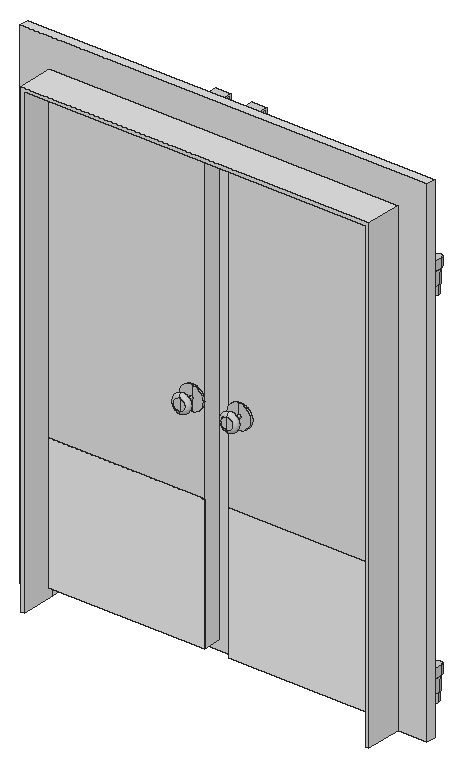
Revit family "Walk_in_Door-ELT_Custom_Coolers-French_Style", category Doors, host Wall, Revit 2026
Family settings
  Host = Wall
  Classification Number = 23.30.10.00
  Always vertical = Yes
  Cut with Voids When Loaded = No
  Shared = No
  Room Calculation Point = No
Parameters (values of type "60" x 78" Cooler, Jamb Frame")
  URL = "https://eltcoolerdoors.com/"
  Top Latch [instance] = yes
  Thickness = 4"
  Specification = ""
  SpecWizard = ""
  Sales Information = ""
  Rough Width = if(Plug Frame, (Width - 3"), (Width - 1"))  # 59"
  Rough Height = if(Plug Frame, Height, (Height + 1"))  # 79"
  Product Page URL = "https://eltcoolerdoors.com/collections/all/walk-in-cooler-door?grid_list=grid-view"
  Product Data = ""
  Plug Frame = no
  Panel Width = Width / 2  # 30"
  Panel Material = ELT_White Stucco Embossed
  Model = "ELT 60\" x 78\""
  Manufacturer Email = "sales@walkincoolerdoor.com"  # constant formula
  Manufacturer Address = "13770 Nelson st - Detroit MI 48227"  # constant formula
  Manufacturer = "ELT Custom Coolers"  # constant formula
  Kick Plate Height [instance] = 24"
  Jamb Frame = not(Plug Frame)  # yes
  Installation-Fabrication = ""
  Description = "Walk in Cooler French Style Door 60\"x 78\" Prehung with a Retrofit Heated & Jamb Frame for New Construction."
  Green Building-LEED = ""
  Function = Interior
  Frame Width = 5 1/2"  # constant formula
  Height = 78"
  Wall Closure = By host
  Width = 60"
  Frame Thickness = if(Plug Frame, 2", 1 1/2")  # 1 1/2"
  Frame Material = ELT_White Stucco Embossed
  Define Thermal Properties by = Schematic Type
  Copyright = "© 2024 ARCAT"  # constant formula
  Construction Details = ""
  CAD Details = ""
  Analytic Construction = "<None>"
Types (8): name | Rough Width | Rough Height | Product Page URL | Plug Frame | Panel Width | Model | Jamb Frame | Description | Height | Width | Frame Thickness
  72" x 84" Cooler, Jamb Frame | 71" | 85" | "https://eltcoolerdoors.com/collections/all/walk-in-cooler-door?grid_list=grid-view" | no | 36" | "ELT 72\" x 84\"" | yes | "Walk in Cooler French Style Door 72\"x 84\" Prehung with a Retrofit Heated & Jamb Frame for New Construction." | 84" | 72" | 1 1/2"
  72" x 84" Cooler, Plug Frame | 69" | 84" | "https://eltcoolerdoors.com/collections/all/walk-in-cooler-door?grid_list=grid-view" | yes | 36" | "ELT 72\" x 84\"" | no | "Walk in Cooler French Style Door 72\"x 84\" Prehung with a Retrofit Heated & Plug Frame for Replacement applications." | 84" | 72" | 2"
  60" x 78" Cooler, Jamb Frame | 59" | 79" | "https://eltcoolerdoors.com/collections/all/walk-in-cooler-door?grid_list=grid-view" | no | 30" | "ELT 60\" x 78\"" | yes | "Walk in Cooler French Style Door 60\"x 78\" Prehung with a Retrofit Heated & Jamb Frame for New Construction." | 78" | 60" | 1 1/2"
  60" x 78" Cooler, Plug Frame | 57" | 78" | "https://eltcoolerdoors.com/collections/all/walk-in-cooler-door?grid_list=grid-view" | yes | 30" | "ELT 60\" x 78\"" | no | "Walk in Cooler French Style Door 60\"x 78\" Prehung with a Retrofit Heated & Plug Frame for Replacement applications." | 78" | 60" | 2"
  36" x 78" Cooler, Jamb Frame | 35" | 79" | "https://eltcoolerdoors.com/collections/all/walk-in-cooler-door?grid_list=grid-view" | no | 18" | "ELT 36\" x 78\"" | yes | "Walk in Cooler French Style Door 36\"x 78\" Prehung with a Retrofit Heated & Jamb Frame for New Construction." | 78" | 36" | 1 1/2"
  36" x 78" Cooler, Plug Frame | 33" | 78" | "https://eltcoolerdoors.com/collections/all/walk-in-cooler-door?grid_list=grid-view" | yes | 18" | "ELT 36\" x 78\"" | no | "Walk in Cooler French Style Door 36\"x 78\" Prehung with a Retrofit Heated & Plug Frame for Replacement applications." | 78" | 36" | 2"
  36" x 78" Freezer, Jamb Frame | 35" | 79" | "https://eltcoolerdoors.com/collections/all/walk-in-freezer-door?grid_list=grid-view" | no | 18" | "ELT 36\" x 78\"" | yes | "Walk in Freezer French Style Door 36\"x 78\" Prehung with a Retrofit Heated & Jamb Frame for New Construction." | 78" | 36" | 1 1/2"
  36" x 78" Freezer, Plug Frame | 33" | 78" | "https://eltcoolerdoors.com/collections/all/walk-in-freezer-door?grid_list=grid-view" | yes | 18" | "ELT 36\" x 78\"" | no | "Walk in Freezer French Style Door 36\"x 78\" Prehung with a Retrofit Heated & Plug Frame for Replacement applications." | 78" | 36" | 2"
Reference planes (in)
  plane 1 "Center (Front/Back)": y = 0
  plane 2 "Center (Left/Right)": x = 0
  plane 3 "Left": x = -30
  plane 4 "Right": x = 30
  plane 5 "Top": z = 78
  plane 6 "Exterior": y = 3
  plane 7 "Interior": y = -3
  plane 8: x = -29.5
  plane 9: z = 79
  plane 10: x = 29.5
  plane 11: z = 83.5
  plane 12: x = 34
  plane 13: x = -34
  plane 14: y = 4.5
  plane 15: y = 0.375
  plane 16: z = 39
  plane 17: x = 28.5
  plane 18: x = -28.5
  plane 19: x = -15
  plane 20: x = 15
Forms (in)
  Extrusion 1, solid, material "ELT_White Stucco Embossed" <- "Frame Material"
    sketch origin (-31.32148, 4.5, 48) x (-1, 0, 0) y (0, 0, 1)
      loop
        line (-65.32148, 35.5) -> (-65.32148, -48) -> (-59.82148, -48) -> (-59.82148, 30) -> (-2.82148, 30) -> (-2.82148, -48) -> (2.67852, -48) -> (2.67852, 35.5) -> (-65.32148, 35.5)
    from -1.5 to 0
  Extrusion 2, solid, material "ELT_White Stucco Embossed" <- "Frame Material", visible <- "Jamb Frame"
    sketch origin (0, 0, 0) x (1, 0, 0) y (0, 0, 1)
      loop
        line (29.125, 0) -> (29.125, 78.625) -> (-29.125, 78.625) -> (-29.125, 0) -> (-28.5, 0) -> (-28.5, 78) -> (28.5, 78) -> (28.5, 0) -> (29.125, 0)
    from -3 to 3
Lines and regions (in)
  Opening 1
    outline origin (-90, -3, 0) x (1, 0, 0) y (0, 0, 1)
      loop
        line (60.5, 0) -> (119.5, 0) -> (119.5, 79) -> (60.5, 79) -> (60.5, 0)
  Masking region 1
    outline origin (0, 0, 0) x (1, 0, 0) y (0, 1, 0)
      loop
        line (-34, 4.5) -> (-34, 3) -> (-28.5, 3) -> (-28.5, 4.5) -> (-34, 4.5)
      loop
        line (28.5, 4.5) -> (28.5, 3) -> (34, 3) -> (34, 4.5) -> (28.5, 4.5)
  Masking region 2, visible <- "Jamb Frame"
    outline origin (0, 0, 0) x (1, 0, 0) y (0, 1, 0)
      loop
        line (-28.5, -3) -> (-28.5, 3) -> (-29.125, 3) -> (-29.125, -3) -> (-28.5, -3)
      loop
        line (28.5, 3) -> (28.5, -3) -> (29.125, -3) -> (29.125, 3) -> (28.5, 3)
Text (in)
  text "Exterior" at (-74.96733, 27.31104, 0), in view "Ref. Level"
  text "Interior" at (-74.96733, -25.14366, 0), in view "Ref. Level"
  text "Exterior" at (0, 40.15149, 123.01588), in view "Right"
  text "Interior" at (0, -64.39139, 123.01588), in view "Right"
  text "Interior" at (0, -31.01599, 123.00693), in view "Left"
  text "Exterior" at (0, 54.57065, 123.00693), in view "Left"
Dimensions and locks (in)
  "Height": level to plane 5 "Top"
  "Width": plane 3 "Left" to plane 4 "Right"
  "Rough Height": plane 9 to level
  equal spacing: plane 10, plane 2 "Center (Left/Right)", plane 8
  "Rough Width": plane 10 to plane 8
  "Frame Width": plane 17 to plane 12
  "Frame Width": plane 13 to plane 18
  "Frame Thickness": plane 14 to plane 6 "Exterior"
  equal spacing: plane 8, plane 2 "Center (Left/Right)", plane 10
  equal spacing: plane 3 "Left", plane 2 "Center (Left/Right)", plane 4 "Right"
  equal spacing: level, plane 16, plane 5 "Top"
  locked: plane 4 "Right" to plane 12 at 4
  locked: plane 13 to plane 3 "Left" at 4
  "Frame Width": plane 5 "Top" to plane 11
  plane 13 to plane 12 = 68"
  locked: plane 18 to Extrusion 2 sketch curve at 0.625
  locked: plane 17 to Extrusion 2 sketch curve at 0.625
  locked: plane 5 "Top" to Extrusion 2 sketch curve at 0.625
  level to plane 11 = 83 1/2"
  equal spacing: plane 3 "Left", plane 19, plane 2 "Center (Left/Right)"
  equal spacing: plane 2 "Center (Left/Right)", plane 20, plane 4 "Right"
  aligned and locked: Opening 1 sketch curve to level
  aligned and locked: plane 6 "Exterior" to host wall
  aligned and locked: plane 7 "Interior" to host wall
  aligned and locked: plane 8 to Opening 1 sketch curve
  aligned and locked: Opening 1 sketch curve to plane 9
  aligned and locked: Opening 1 sketch curve to plane 10
  aligned and locked: plane 12 to Extrusion 1 sketch curve
  aligned and locked: plane 11 to Extrusion 1 sketch curve
  aligned and locked: plane 13 to Extrusion 1 sketch curve
  aligned and locked: level to Extrusion 1 sketch curve  (x2)
  aligned and locked: plane 6 "Exterior" to Extrusion 1
  aligned and locked: plane 14 to Extrusion 1
  aligned and locked: level to Extrusion 2 sketch curve
  aligned and locked: host wall to Extrusion 2
  aligned and locked: plane 7 "Interior" to Extrusion 2
  aligned and locked: nested 1 to plane 14
  aligned and locked: plane 16 to nested 1
  aligned and locked: plane 12 to Masking region 1 sketch curve
  aligned and locked: Masking region 1 sketch curve to plane 6 "Exterior"  (x2)
  aligned and locked: Masking region 1 sketch curve to plane 14  (x2)
  aligned and locked: Masking region 1 sketch curve to plane 13
  aligned and locked: Masking region 2 sketch curve to plane 6 "Exterior"
  aligned and locked: plane 6 "Exterior" to Masking region 2 sketch curve
  aligned and locked: plane 7 "Interior" to Masking region 2 sketch curve
  aligned and locked: Masking region 2 sketch curve to plane 7 "Interior"
  aligned and locked: plane 18 to Extrusion 1 sketch curve
  aligned and locked: Extrusion 1 sketch curve to plane 17
  aligned and locked: plane 18 to Extrusion 2 sketch curve
  aligned and locked: Extrusion 2 sketch curve to plane 17
  aligned and locked: Extrusion 2 sketch curve to plane 5 "Top"
  aligned and locked: Extrusion 1 sketch curve to plane 5 "Top"
  aligned and locked: Masking region 1 sketch curve to plane 18
  aligned and locked: Masking region 1 sketch curve to plane 17
  aligned and locked: Masking region 2 sketch curve to plane 18
  aligned and locked: Masking region 2 sketch curve to Extrusion 2  (x2)
  aligned and locked: Masking region 2 sketch curve to plane 17
  aligned and locked: nested 1 to plane 19
  aligned and locked: nested 2 to plane 20
  aligned and locked: plane 14 to nested 2
  aligned and locked: nested 2 to plane 16
Automatic sketch dimensions
  Extrusion 2 sketch curve to level = 0"
Nested families (in)
  nested 1: "Swing French Door Panel" at (-15, 4.5, 39) x (1, 0, 0) z (0, 1, 0), Kick Plate Height <- "Kick Plate Height", Panel Material <- "Panel Material", Door Height <- "Height", Door Width <- "Panel Width", Top Latch <- "Top Latch", type "Walk-in Swing Panel Door"
    with Top Latch yes, Panel Material ELT_White Stucco Embossed, Kick Plate Height 24", Hinge 24" no, Hinge 18" yes, Door Width 30", Door Height 78", Door Heater yes
  nested 2: "Swing French Door Panel" at (15, 4.5, 39) x (-1, 0, 0) z (0, 1, 0), Kick Plate Height <- "Kick Plate Height", Panel Material <- "Panel Material", Door Height <- "Height", Door Width <- "Panel Width", Top Latch <- "Top Latch", type "Walk-in Swing Panel Door"
    with Top Latch yes, Panel Material ELT_White Stucco Embossed, Kick Plate Height 24", Hinge 24" no, Hinge 18" yes, Door Width 30", Door Height 78", Door Heater no
Definition of nested family "Swing French Door Panel"
  Parameters (values of type "Walk-in Swing Panel Door")
    Top Latch Offset = 3"
    Top Latch [instance] = yes
    Rough Height = 78"
    Panel Material [instance] = none
    Door Width [instance] = 36"
    Door Height [instance] = 81"
    Kick Plate Height [instance] = 24"
    Hinge 24" [instance] = Door Width > 48"  # no
    Hinge 18" [instance] = Door Width < 48"  # yes
    Door Knob Handle = yes
    Door Heater [instance] = yes
    Define Thermal Properties by = 1
    Default Elevation = 48"
    Analytic Construction = "<None>"
  Reference planes (in)
    plane 1 "Center (Front/Back)": y = 0
    plane 2: z = 0
    plane 3 "Center (Left/Right)": x = 0
    plane 4: y = -40.5
    plane 5: x = -18
    plane 6: y = 42
    plane 7: y = -40
    plane 8: x = 18
    plane 9: y = -38.5
    plane 10: x = -16
    plane 11: x = 16
    plane 12: y = 40.5
    plane 13: z = -3
    plane 14: z = 1
    plane 15: x = 15
    plane 16: z = 1.75
    plane 17: y = -16
    plane 18: x = -20.5
    plane 19: z = 2.25
    plane 20: y = -31.75
    plane 21: y = 32.25
    plane 22: x = 14
  Forms (in)
    Extrusion 1, solid, material <- "Panel Material"
      sketch origin (0, 0, 0) x (1, 0, 0) y (0, 1, 0)
        loop
          line (-16, -38.5) -> (16, -38.5) -> (16, 40.5) -> (-16, 40.5) -> (-16, -38.5)
      from 0 to -3
    Extrusion 2, solid, material <- "Panel Material"
      sketch origin (0, 0, 0) x (1, 0, 0) y (0, 1, 0)
        loop
          line (-18, 42) -> (-18, -40) -> (18, -40) -> (18, 42) -> (-18, 42)
      from 0 to 1
    Extrusion 3, solid
      sketch origin (-30.90712, -16, 48) x (-1, 0, 0) y (0, 0, 1)
        loop
          line (-12.90712, -47) -> (-12.90712, -46.96875) -> (-48.90712, -46.96875) -> (-48.90712, -47) -> (-12.90712, -47)
        loop
          line (-14.90712, -51) -> (-46.90712, -51) -> (-46.90712, -51.03125) -> (-14.90712, -51.03125) -> (-14.90712, -51)
      from 0 to -24
    Extrusion 4, void
      sketch origin (0, 0, 0) x (0, 1, 0) y (0, 0, 1)
        loop
          line (-38.5, -3.03125) -> (-38.5, -3) -> (-40, -3) -> (-40, -3.03125) -> (-38.5, -3.03125)
      from -16 to 16
    Revolve 5, solid, visible <- "Door Knob Handle"
      sketch origin (14, 10.88095, 48) x (0, 1, 0) y (0, 0, 1)
        loop
          line (-10.88095, -51) -> (-12.88095, -51) -> (-12.88095, -51.25) -> (-11.13095, -51.25) -> (-11.13095, -52.75) -> (-11.88095, -52.75)
          arc (-11.88095, -52.75) -> (-12.38095, -53.25) -> (-11.88095, -53.75) r 0.5
          line (-11.88095, -53.75) -> (-10.88095, -53.75) -> (-10.88095, -51)
        axis (-10.88095, -51) -> (-10.88095, -53.75)
      angle from 0 to 360
    Extrusion 6, solid, visible <- "Door Heater"
      sketch origin (-19.75, 54.34998, 1) x (0, 1, 0) y (-1, 0, 0)
        loop
          line (-9.34998, -1.75) -> (-11.34998, -1.75) -> (-11.34998, -5.25) -> (-9.34998, -5.25) -> (-9.34998, -1.75)
      from -1 to 0.25
    Extrusion 7, solid
      sketch origin (0, 0, 0) x (0, 1, 0) y (0, 0, 1)
        loop
          line (44.5, 1) -> (44.5, 1.75) -> (41.5, 1.75) -> (41.5, 2.5) -> (35.5, 2.5) -> (35.5, 1) -> (44.5, 1)
      from 14.25 to 15.75
    Extrusion 8, solid
      sketch origin (0, 0, 0) x (0, 1, 0) y (0, 0, 1)
        loop
          line (42.5, 1) -> (42.5, 0) -> (45.375, 0) -> (45.375, 2.25) -> (43.25, 2.25) -> (43.25, 2) -> (45.1259, 2) -> (45.1259, 1) -> (42.5, 1)
      from 13.75 to 16.25
  Cuts and joins
    joined: Extrusion 1, Extrusion 2
    Extrusion 4 cuts Extrusion 3
  Lines and regions (in)
    Masking region 1
      outline origin (0, 0, 0) x (1, 0, 0) y (0, 0, 1)
        loop
          line (-18, 1) -> (-18, 0) -> (-16, 0) -> (-16, -3) -> (16, -3) -> (16, 0) -> (18, 0) -> (18, 1) -> (-18, 1)
    symbolic lines
      curve 1: line (-18, 0, 0) -> (18, 42, 0)
      curve 2: line (-18, 0, 0) -> (18, -40, 0)
      curve 3: arc (18, 0, 2.25) -> (6.72361, 0, 29.47361) -> (-20.5, 0, 40.75) r 38.5
      curve 4: line (-20.5, 0, 2.25) -> (-20.5, 0, 40.75)
      curve 5: line (-16, 0, 0) -> (16, 0, 0)
      curve 6: line (18, 0, 2.25) -> (18, 0, 1)
  Dimensions and locks (in)
    equal spacing: plane 12, plane 1 "Center (Front/Back)", plane 4
    "Door Height": plane 12 to plane 4
    equal spacing: plane 5, plane 3 "Center (Left/Right)", plane 8
    "Door Width": plane 5 to plane 8
    locked: plane 7 to plane 4 at 0.5
    locked: plane 6 to plane 12 at 1.5
    locked: plane 11 to plane 8 at 2
    locked: plane 5 to plane 10 at 2
    locked: plane 9 to plane 7 at 1.5
    locked: plane 14 to plane 2 at 1
    locked: plane 14 to plane 13 at 4
    "Top Latch Offset": plane 15 to plane 8
    locked: plane 16 to plane 14 at 0.75
    "Kick Plate Height": plane 17 to plane 7
    locked: Extrusion 3 sketch curve to plane 14 at 0.03125
    locked: plane 13 to Extrusion 3 sketch curve at 0.03125
    locked: plane 18 to plane 5 at 2.5
    plane 6 to plane 21 = 9 3/4"
    locked: plane 20 to plane 4 at 8.75
    locked: plane 19 to plane 2 at 2.25
    Revolve 5 sketch curve to Revolve 5 sketch curve to Revolve 5 sketch curve to plane 13 = 1", 1 1/2", 1/4"
    plane 1 "Center (Front/Back)" to Revolve 5 sketch curve to Revolve 5 sketch curve = 1/4" locked, 1 3/4" locked
    plane 22 to plane 8 = 4"
    plane 1 "Center (Front/Back)" to Revolve 5 sketch curve = 1"
    Extrusion 6 sketch curve to Extrusion 6 sketch curve to plane 6 = 2" locked, 1" locked
    locked: Extrusion 6 sketch curve to Extrusion 6 sketch curve at 3.5
    locked: Extrusion 7 sketch curve to plane 14 at 1.5
    Extrusion 7 sketch curve to Extrusion 7 sketch curve to plane 12 to Extrusion 7 sketch curve = 3" locked, 1" locked, 5" locked
    locked: Extrusion 8 sketch curve to plane 6 at 3.375
    locked: Extrusion 8 sketch curve to Extrusion 8 sketch curve at 0.2491
    locked: plane 19 to Extrusion 8 sketch curve at 0.25
    locked: Extrusion 8 sketch curve to plane 6 at 0.5
    equal spacing: Extrusion 8, plane 15, Extrusion 8
    locked: Extrusion 8 to Extrusion 8 at 2.5
    equal spacing: Extrusion 7, plane 15, Extrusion 7
    locked: Extrusion 7 to Extrusion 7 at 1.5
    aligned and locked: plane 2 to level
    aligned and locked: Extrusion 1 sketch curve to plane 9
    aligned and locked: Extrusion 1 sketch curve to plane 10
    aligned and locked: Extrusion 1 sketch curve to plane 11
    aligned and locked: Extrusion 1 sketch curve to plane 12
    aligned and locked: Extrusion 1 to plane 13
    aligned and locked: Extrusion 2 sketch curve to plane 6
    aligned and locked: plane 8 to Extrusion 2 sketch curve
    aligned and locked: Extrusion 2 sketch curve to plane 5
    aligned and locked: Extrusion 2 sketch curve to plane 7
    aligned and locked: Extrusion 2 to plane 2
    aligned and locked: plane 14 to Extrusion 2
    aligned and locked: plane 1 "Center (Front/Back)" to curve 2
    aligned and locked: plane 5 to curve 2
    aligned and locked: plane 7 to curve 2
    aligned and locked: plane 8 to curve 2
    aligned and locked: plane 8 to curve 1
    aligned and locked: plane 6 to curve 1
    aligned and locked: Extrusion 3 sketch curve to plane 14
    aligned and locked: Extrusion 3 sketch curve to plane 5
    aligned and locked: plane 8 to Extrusion 3 sketch curve
    aligned and locked: Extrusion 3 sketch curve to plane 10
    aligned and locked: Extrusion 3 sketch curve to plane 11
    aligned and locked: Extrusion 3 sketch curve to plane 13
    aligned and locked: Extrusion 3 to plane 7
    aligned and locked: plane 9 to Extrusion 4 sketch curve
    aligned and locked: plane 7 to Extrusion 4 sketch curve
    aligned and locked: plane 13 to Extrusion 4 sketch curve
    aligned and locked: Extrusion 4 sketch curve to Extrusion 3
    aligned and locked: Extrusion 4 to plane 10
    aligned and locked: plane 11 to Extrusion 4
    aligned and locked: nested 1 to plane 18
    aligned and locked: nested 2 to plane 18
    aligned and locked: curve 4 to plane 18
    aligned and locked: plane 19 to curve 4
    aligned and locked: plane 19 to curve 3
    aligned and locked: nested 1 to plane 21
    aligned and locked: nested 2 to plane 20
    aligned and locked: nested 4 to plane 18
    aligned and locked: nested 3 to plane 18
    aligned and locked: nested 4 to plane 20
    aligned and locked: nested 3 to plane 21
    aligned and locked: plane 13 to Revolve 5 sketch curve
    aligned and locked: plane 1 "Center (Front/Back)" to Revolve 5 sketch curve
    aligned and locked: Revolve 5 sketch curve to plane 1 "Center (Front/Back)"
    aligned and locked: Masking region 1 sketch curve to plane 5
    aligned and locked: Masking region 1 sketch curve to plane 10
    aligned and locked: Masking region 1 sketch curve to plane 2
    aligned and locked: Masking region 1 sketch curve to plane 13
    aligned and locked: Masking region 1 sketch curve to plane 11
    aligned and locked: plane 8 to Masking region 1 sketch curve
    aligned and locked: Masking region 1 sketch curve to plane 14
    aligned and locked: curve 5 to plane 2
    aligned and locked: plane 10 to curve 5
    aligned and locked: plane 11 to curve 5
    aligned and locked: plane 8 to curve 6
    aligned and locked: plane 14 to curve 6
    aligned and locked: nested 6 to plane 1 "Center (Front/Back)"
    aligned and locked: nested 6 to plane 18
    aligned and locked: plane 14 to Extrusion 7 sketch curve
    aligned and locked: plane 16 to Extrusion 7 sketch curve
    aligned and locked: plane 22 to nested 5
    aligned and locked: plane 1 "Center (Front/Back)" to nested 5
    aligned and locked: nested 5 to plane 14
    aligned and locked: plane 5 to Extrusion 6 sketch curve
  Automatic sketch dimensions
    Revolve 5 sketch curve to Revolve 5 sketch curve = 18 1/4"
    plane 19 to Revolve 5 sketch curve = 90.02586"
    Masking region 1 sketch curve to level = 0"
    plane 6 to Extrusion 8 sketch curve = 1 1/4"
    Extrusion 8 sketch curve to plane 14 = 0"
    plane 19 to Extrusion 8 sketch curve = 0"
    Extrusion 8 sketch curve to level = 0"
  Nested families (in)
    nested 1: "Spring Assisted Hinge" at (-20.5, 32.25, 0) x (-1, 0, 0) z (0, 0, 1), visible <- "Hinge 18"", type "18in"
    nested 2: "Spring Assisted Hinge" at (-20.5, -31.75, 0) x (-1, 0, 0) z (0, 0, 1), visible <- "Hinge 18"", type "18in"
    nested 3: "Spring Assisted Hinge" at (-20.5, 32.25, 0) x (-1, 0, 0) z (0, 0, 1), visible <- "Hinge 24"", type "24in"
    nested 4: "Spring Assisted Hinge" at (-20.5, -31.75, 0) x (-1, 0, 0) z (0, 0, 1), visible <- "Hinge 24"", type "24in"
    nested 5: "Locking Handle" at (14, 0, 1), type "Locking Handle"
    nested 6: "Spring Assisted Hinge" at (-20.5, 0, 0) x (-1, 0, 0) z (0, 0, 1), visible <- "Hinge 24"", type "24in"
  Definition of nested family "Spring Assisted Hinge"
    Parameters (values of type "18in")
      Hinge Length = 9"
      Default Elevation = 0"
    Types (2): name | Hinge Length
      24in | 24"
      18in | 9"
    Reference planes (in)
      plane 1 "Center (Front/Back)": y = 0
      plane 2: z = 0
      plane 3 "Center (Left/Right)": x = 0
      plane 4: y = 1.4375
      plane 5: y = -1.4375
      plane 6: x = -9
      plane 7: z = 1
      plane 8: x = 1.21875
      plane 9: x = -1.21875
      plane 10: z = 2.25
      plane 11: y = 1.5625
      plane 12: y = -4.09375
      plane 13: x = -4.14241
    Forms (in)
      Extrusion 1, solid
        sketch origin (0, 0, 0) x (1, 0, 0) y (0, 0, 1)
          loop
            line (-1.96875, 1) -> (-0.93797, 1.58327)
            arc (-0.93797, 1.58327) -> (-0.79164, 1.64278) -> (-0.63497, 1.66306) r 0.61526
            line (-0.63497, 1.66306) -> (0, 1.66306)
            arc (0, 1.66306) -> (0.55267, 2.44762) -> (-0.37217, 2.70386) r 0.58694
            line (-0.37217, 2.70386) -> (-1.67496, 1.96667)
            arc (-1.67496, 1.96667) -> (-2.1994, 1.69367) -> (-2.78073, 1.58592) r 2
            line (-2.78073, 1.58592) -> (-9, 1.36328) -> (-9, 1) -> (-1.96875, 1)
        from -1.66296 to 1.72621
      Extrusion 2, void
        sketch origin (0, 0, 0) x (1, 0, 0) y (0, 1, 0)
          loop
            line (-4.14241, 1.4375) -> (-2.01822, 1.4375)
            arc (-2.01822, 1.4375) -> (-1.60354, 1.34039) -> (-1.2751, 1.06926) r 0.93394
            arc (-1.2751, 1.06926) -> (-1.04068, 0.83552) -> (-0.72089, 0.75) r 0.64066
            line (-0.72089, 0.75) -> (1.21875, 0.75) -> (1.21875, 1.88338) -> (-9.48148, 1.88338) -> (-9.48148, -1.88338) -> (1.21875, -1.88338) -> (1.21875, -0.75) -> (-0.72089, -0.75)
            arc (-0.72089, -0.75) -> (-0.99864, -0.81334) -> (-1.22147, -0.99082) r 0.64066
            arc (-1.22147, -0.99082) -> (-1.56151, -1.31821) -> (-2.01822, -1.4375) r 0.93394
            line (-2.01822, -1.4375) -> (-4.14241, -1.4375)
            arc (-4.14241, -1.4375) -> (-6.59293, -1.26043) -> (-9, -0.76808) r 18.96618
            line (-9, -0.76808) -> (-9, 0.76808)
            arc (-9, 0.76808) -> (-6.59293, 1.26043) -> (-4.14241, 1.4375) r 18.96618
        from 0 to 3.36309
      Extrusion 3, solid
        sketch origin (0, 0, 0) x (1, 0, 0) y (0, 1, 0)
          loop
            arc (1.23297, -2.68633) -> (1.15513, -0.72306) -> (0.95784, 1.23182) r 32.2361
            arc (0.95784, 1.23182) -> (0.83149, 1.46812) -> (0.58071, 1.5625) r 0.38039
            line (0.58071, 1.5625) -> (-0.58071, 1.5625)
            arc (-0.58071, 1.5625) -> (-0.83149, 1.46812) -> (-0.95784, 1.23182) r 0.38039
            arc (-0.95784, 1.23182) -> (-1.15517, -0.72364) -> (-1.23298, -2.6875) r 32.2361
            line (-1.23298, -2.6875) -> (-1.23298, -3.44903)
            arc (-1.23298, -3.44903) -> (-1.04414, -3.90492) -> (-0.58826, -4.09375) r 0.64472
            line (-0.58826, -4.09375) -> (0.58826, -4.09375)
            arc (0.58826, -4.09375) -> (1.04413, -3.90492) -> (1.23297, -3.44904) r 0.64471
            line (1.23297, -3.44904) -> (1.23297, -2.68633)
        from 0 to 0.33203
      Extrusion 4, solid
        sketch origin (0, 0, 0) x (1, 0, 0) y (0, 0, 1)
          loop
            arc (0.66382, 2.5) -> (0, 3.16382) -> (-0.66382, 2.5) r 0.66382
            line (-0.66382, 2.5) -> (-0.66382, 0) -> (0.66382, 0) -> (0.66382, 2.5)
        from -0.75 to 0.75
      Revolve 5, solid
        sketch origin (2.55993, -180, 2.25) x (0, -1, 0) y (1, 0, 0)
          loop
            line (-180, -2.55993) -> (-180, -2.98388) -> (-175.21051, -2.98388) -> (-175.21051, -2.55993) -> (-180, -2.55993)
          axis (-180, -2.55993) -> (-175.21051, -2.55993)
        angle from 0 to 360
      Extrusion 6, solid
        sketch origin (0, 0, 0) x (1, 0, 0) y (0, 0, 1)
          loop
            line (-0.66382, 0) -> (0.66382, 0) -> (0.66382, 2.25)
            arc (0.66382, 2.25) -> (0, 2.91382) -> (-0.66382, 2.25) r 0.66382
            line (-0.66382, 2.25) -> (-0.66382, 0)
        from 0.93733 to 3.13311
    Cuts and joins
      Extrusion 2 cuts Extrusion 1
      joined: Extrusion 1, Extrusion 3, Extrusion 4, Revolve 5, Extrusion 6
    Lines and regions (in)
      Masking region 1
        outline origin (0, 0, 0) x (1, 0, 0) y (0, 0, 1)
          loop
            line (-9, 1.36328) -> (-9, 1) -> (-1.96875, 1) -> (-0.66382, 1.7384) -> (-0.66382, 0.33203) -> (-1.21875, 0.33203) -> (-1.21875, 0) -> (1.21875, 0) -> (1.21875, 0.33203) -> (0.66382, 0.33203) -> (0.66382, 2.25)
            arc (0.66382, 2.25) -> (0.1779, 2.88954) -> (-0.56847, 2.59279) r 0.66382
            line (-0.56847, 2.59279) -> (-2.31859, 1.60247) -> (-9, 1.36328)
      Masking region 2
        outline origin (0, 0, 0) x (1, 0, 0) y (0, 1, 0)
          loop
            line (-9, 0.76808) -> (-9, -0.76808)
            arc (-9, -0.76808) -> (-6.59293, -1.26043) -> (-4.14241, -1.4375) r 18.96618
            line (-4.14241, -1.4375) -> (-2.01822, -1.4375)
            arc (-2.01822, -1.4375) -> (-1.56151, -1.31821) -> (-1.22147, -0.99082) r 0.93394
            arc (-1.22147, -0.99082) -> (-0.99864, -0.81334) -> (-0.72089, -0.75) r 0.64066
            line (-0.72089, -0.75) -> (0.66382, -0.75) -> (0.66382, 0.75) -> (-0.72089, 0.75)
            arc (-0.72089, 0.75) -> (-1.04068, 0.83552) -> (-1.2751, 1.06926) r 0.64066
            arc (-1.2751, 1.06926) -> (-1.60354, 1.34039) -> (-2.01822, 1.4375) r 0.93394
            line (-2.01822, 1.4375) -> (-4.14241, 1.4375)
            arc (-4.14241, 1.4375) -> (-6.59293, 1.26043) -> (-9, 0.76808) r 18.96618
      Masking region 3
        outline origin (0, 0, 0) x (1, 0, 0) y (0, 1, 0)
          loop
            line (0.58071, 1.5625) -> (-0.58071, 1.5625)
            arc (-0.58071, 1.5625) -> (-0.83149, 1.46812) -> (-0.95784, 1.23182) r 0.38039
            arc (-0.95784, 1.23182) -> (-0.98437, 1.02536) -> (-1.00958, 0.81873) r 32.2361
            arc (-1.00958, 0.81873) -> (-0.86927, 0.76742) -> (-0.72089, 0.75) r 0.64066
            line (-0.72089, 0.75) -> (0.66382, 0.75) -> (0.66382, -0.75) -> (-0.72089, -0.75)
            arc (-0.72089, -0.75) -> (-0.96299, -0.7975) -> (-1.16918, -0.93297) r 0.64066
            arc (-1.16918, -0.93297) -> (-1.21303, -1.8098) -> (-1.23298, -2.6875) r 32.2361
            line (-1.23298, -2.6875) -> (-1.23298, -3.44903)
            arc (-1.23298, -3.44903) -> (-1.04414, -3.90492) -> (-0.58826, -4.09375) r 0.64472
            line (-0.58826, -4.09375) -> (-0.42395, -4.09375) -> (-0.42395, -4.78949) -> (0.42395, -4.78949) -> (0.42395, -4.09375) -> (0.58826, -4.09375)
            arc (0.58826, -4.09375) -> (1.04413, -3.90492) -> (1.23297, -3.44904) r 0.64471
            line (1.23297, -3.44904) -> (1.23297, -2.68633)
            arc (1.23297, -2.68633) -> (1.15513, -0.72306) -> (0.95784, 1.23182) r 32.2361
            arc (0.95784, 1.23182) -> (0.83149, 1.46812) -> (0.58071, 1.5625) r 0.38039
      Masking region 4
        outline origin (0, 0, 0) x (0, 1, 0) y (0, 0, 1)
          loop
            line (-3.13311, 1) -> (1.4375, 1) -> (1.4375, 1.76265)
            spline (1.4375, 1.76265) -> (1.43731, 1.77757) -> (1.43617, 1.79301) -> (1.43407, 1.80895) -> (1.43101, 1.82537) -> (1.42699, 1.84225) -> (1.42203, 1.85959) -> (1.41613, 1.87736) -> (1.40928, 1.89555) -> (1.40151, 1.91413) -> (1.39281, 1.93308) -> (1.3832, 1.9524) -> (1.37269, 1.97205)
            spline (1.37269, 1.97205) -> (1.35733, 1.99276) -> (1.34016, 2.01313) -> (1.32121, 2.03313) -> (1.3005, 2.05272) -> (1.27807, 2.07187) -> (1.25397, 2.09055) -> (1.22825, 2.10871) -> (1.20093, 2.12632) -> (1.17209, 2.14337) -> (1.14176, 2.1598) -> (1.11001, 2.17559) -> (1.07688, 2.19072)
            spline (1.07688, 2.19072) -> (1.02828, 2.20889) -> (0.98279, 2.22891) -> (0.9407, 2.25065) -> (0.90228, 2.27398) -> (0.86778, 2.29875) -> (0.83742, 2.32479) -> (0.81139, 2.35195) -> (0.78987, 2.38004) -> (0.77298, 2.40889) -> (0.76084, 2.43831) -> (0.75353, 2.46811) -> (0.75108, 2.49811)
            line (0.75108, 2.49811) -> (0.75, 3.16382) -> (-0.75, 3.16382) -> (-0.75, 2.67395) -> (-0.93733, 2.67395) -> (-0.93733, 2.91382) -> (-3.13311, 2.91382) -> (-3.13311, 2.67395) -> (-4.78949, 2.67395) -> (-4.78949, 2.25) -> (-4.78949, 1.82605) -> (-3.13311, 1.82605) -> (-3.13311, 1)
      symbolic lines
        curve 1: arc (-0.42395, 0, 2.25) -> (0, 0, 1.82605) -> (0.42395, 0, 2.25) r 0.42395
        curve 2: arc (0.42395, 0, 2.25) -> (0, 0, 2.67395) -> (-0.42395, 0, 2.25) r 0.42395
        curve 3: line (1.23297, 0, 0.33203) -> (-1.23298, 0, 0.33203)
        curve 4: line (-0.66382, -3.13311, 0) -> (0.66382, -3.13311, 0)
        curve 5: line (-0.66382, -0.93733, 0) -> (-0.66382, -3.13311, 0)
        curve 6: line (0.66382, -0.93733, 0) -> (-0.66382, -0.93733, 0)
        curve 7: line (0.66382, -3.13311, 0) -> (0.66382, -0.93733, 0)
        curve 8: line (-0.42395, -4.09375, 0) -> (-0.42395, -3.13311, 0)
        curve 9: line (0.42395, -4.09375, 0) -> (0.42395, -3.13311, 0)
        curve 10: line (-0.42395, -0.75, 0) -> (-0.42395, -0.93733, 0)
        curve 11: line (0.42395, -0.75, 0) -> (0.42395, -0.93733, 0)
        curve 12: spline (0, -0.98727, 2.22466) -> (0, -0.95115, 2.24313) -> (0, -0.9176, 2.26275) -> (0, -0.88679, 2.28342) -> (0, -0.85883, 2.30505) -> (0, -0.83387, 2.32756) -> (0, -0.812, 2.35083) -> (0, -0.79334, 2.37477) -> (0, -0.77795, 2.39927) -> (0, -0.76591, 2.42422) -> (0, -0.75727, 2.44951) -> (0, -0.75207, 2.47502) -> (0, -0.75034, 2.50065)
        curve 13: spline (0, -1.37311, 1.96489) -> (0, -1.35457, 1.99059) -> (0, -1.33331, 2.01577) -> (0, -1.30938, 2.04036) -> (0, -1.28284, 2.0643) -> (0, -1.25379, 2.08751) -> (0, -1.22229, 2.10994) -> (0, -1.18843, 2.13152) -> (0, -1.1523, 2.15219) -> (0, -1.11402, 2.17189) -> (0, -1.07367, 2.19057) -> (0, -1.03139, 2.20818) -> (0, -0.98727, 2.22466)
        curve 14: line (0, -1.4375, 1) -> (0, -1.4375, 1.76612)
        curve 15: spline (0, -1.4375, 1.76612) -> (0, -1.43677, 1.7803) -> (0, -1.43519, 1.79497) -> (0, -1.43276, 1.81011) -> (0, -1.42947, 1.8257) -> (0, -1.42534, 1.84172) -> (0, -1.42036, 1.85817) -> (0, -1.41455, 1.87503) -> (0, -1.4079, 1.89228) -> (0, -1.40043, 1.90991) -> (0, -1.39213, 1.9279) -> (0, -1.38302, 1.94623) -> (0, -1.37311, 1.96489)
        curve 16: line (0, -0.75, 2.67395) -> (0, -0.75, 2.50065)
        curve 17: line (0, -0.93733, 2.67395) -> (0, -0.93733, 2.25)
        curve 18: line (0, -3.13311, 2.67395) -> (0, -3.13311, 1.82605)
    Dimensions and locks (in)
      locked: plane 4 to plane 5 at 2.875
      equal spacing: plane 4, plane 1 "Center (Front/Back)", plane 5
      locked: plane 7 to level at 1
      equal spacing: plane 9, plane 3 "Center (Left/Right)", plane 8
      locked: plane 10 to plane 2 at 2.25
      plane 11 to plane 1 "Center (Front/Back)" = 1 9/16"
      plane 12 to plane 11 = 5 21/32"
      locked: Extrusion 4 sketch curve to plane 10 at 0.25
      locked: Extrusion 4 sketch curve to plane 3 "Center (Left/Right)" at 0.66382
      "Hinge Length": plane 6 to plane 3 "Center (Left/Right)"
      locked: Extrusion 2 sketch curve to plane 6 at 0.48148
      locked: plane 6 to plane 13 at 4.85759
      Extrusion 2 sketch curve to plane 1 "Center (Front/Back)" to Extrusion 2 sketch curve = 0.76808" locked, 0.76808" locked
      aligned and locked: plane 2 to level
      aligned and locked: Extrusion 1 sketch curve to plane 6
      aligned and locked: Extrusion 2 sketch curve to plane 4
      aligned and locked: Extrusion 2 sketch curve to plane 8  (x2)
      aligned and locked: Extrusion 3 sketch curve to plane 11
      aligned and locked: Extrusion 4 sketch curve to plane 2
      aligned and locked: plane 3 "Center (Left/Right)" to Extrusion 4 sketch curve
      aligned and locked: Revolve 5 sketch curve to plane 3 "Center (Left/Right)"  (x2)
      aligned and locked: Extrusion 6 sketch curve to plane 2
      aligned and locked: Extrusion 6 sketch curve to cut or joined group of Extrusion 1, Extrusion 2, Extrusion 3, Extrusion 4, Revolve 5, Extrusion 6  (x2)
      aligned and locked: Extrusion 3 sketch curve to plane 12
      aligned and locked: plane 1 "Center (Front/Back)" to Revolve 5 sketch curve
      aligned and locked: plane 3 "Center (Left/Right)" to Extrusion 6 sketch curve
      aligned and locked: plane 10 to Extrusion 6 sketch curve
      aligned and locked: Masking region 1 sketch curve to plane 6
      aligned and locked: Masking region 1 sketch curve to plane 2
      aligned and locked: Masking region 1 sketch curve to plane 8
      aligned and locked: plane 9 to Masking region 1 sketch curve
      aligned and locked: cut or joined group of Extrusion 1, Extrusion 2, Extrusion 3, Extrusion 4, Revolve 5, Extrusion 6 to Masking region 1 sketch curve
      aligned and locked: Masking region 1 sketch curve to cut or joined group of Extrusion 1, Extrusion 2, Extrusion 3, Extrusion 4, Revolve 5, Extrusion 6  (x5)
      aligned and locked: Masking region 1 sketch curve to plane 7
      aligned and locked: curve 1 to cut or joined group of Extrusion 1, Extrusion 2, Extrusion 3, Extrusion 4, Revolve 5, Extrusion 6
      aligned and locked: curve 2 to cut or joined group of Extrusion 1, Extrusion 2, Extrusion 3, Extrusion 4, Revolve 5, Extrusion 6
      aligned and locked: curve 3 to cut or joined group of Extrusion 1, Extrusion 2, Extrusion 3, Extrusion 4, Revolve 5, Extrusion 6
      aligned and locked: Extrusion 2 sketch curve to plane 5
      aligned and locked: plane 13 to Extrusion 2 sketch curve  (x2)
      aligned and locked: plane 6 to Extrusion 2 sketch curve  (x2)
      aligned and locked: Masking region 2 sketch curve to plane 6
      aligned and locked: Masking region 2 sketch curve to cut or joined group of Extrusion 1, Extrusion 2, Extrusion 3, Extrusion 4, Revolve 5, Extrusion 6  (x8)
      aligned and locked: Masking region 2 sketch curve to plane 5
      aligned and locked: Masking region 2 sketch curve to plane 4
      aligned and locked: Masking region 3 sketch curve to cut or joined group of Extrusion 1, Extrusion 2, Extrusion 3, Extrusion 4, Revolve 5, Extrusion 6  (x13)
      aligned and locked: curve 4 to cut or joined group of Extrusion 1, Extrusion 2, Extrusion 3, Extrusion 4, Revolve 5, Extrusion 6
      aligned and locked: curve 5 to cut or joined group of Extrusion 1, Extrusion 2, Extrusion 3, Extrusion 4, Revolve 5, Extrusion 6
      aligned and locked: curve 6 to cut or joined group of Extrusion 1, Extrusion 2, Extrusion 3, Extrusion 4, Revolve 5, Extrusion 6
      aligned and locked: curve 7 to cut or joined group of Extrusion 1, Extrusion 2, Extrusion 3, Extrusion 4, Revolve 5, Extrusion 6
      aligned and locked: plane 7 to Masking region 4 sketch curve
      aligned and locked: plane 4 to Masking region 4 sketch curve
      aligned and locked: Masking region 4 sketch curve to cut or joined group of Extrusion 1, Extrusion 2, Extrusion 3, Extrusion 4, Revolve 5, Extrusion 6  (x4)
      aligned and locked: cut or joined group of Extrusion 1, Extrusion 2, Extrusion 3, Extrusion 4, Revolve 5, Extrusion 6 to Masking region 4 sketch curve  (x2)
      aligned and locked: plane 5 to curve 14
    Automatic sketch dimensions
      Extrusion 1 sketch curve to plane 7 = 0"
      Extrusion 1 sketch curve to plane 3 "Center (Left/Right)" = 0"
      Extrusion 1 sketch curve to plane 10 = 0"
      plane 9 to Extrusion 1 sketch curve = 1.63178"
      Extrusion 1 sketch curve to plane 7 = 75/128"
      plane 9 to Extrusion 1 sketch curve = 1.56198"
      plane 9 to Extrusion 1 sketch curve = 3/4"
      plane 10 to Extrusion 1 sketch curve = 0.28333"
      Extrusion 1 sketch curve to Extrusion 1 sketch curve = 0.29379"
      Extrusion 1 sketch curve to plane 9 = 0.28078"
      Extrusion 1 sketch curve to Extrusion 1 sketch curve = 0.303"
      Extrusion 1 sketch curve to plane 3 "Center (Left/Right)" = 0.37217"
      Extrusion 1 sketch curve to plane 7 = 0.0478"
      Extrusion 1 sketch curve to Extrusion 1 sketch curve = 93/256"
      Extrusion 1 sketch curve to plane 7 = 0.58327"
      Revolve 5 sketch curve to plane 4 = 1 7/16"
      Revolve 5 sketch curve to Revolve 5 sketch curve = 55.24843"
      Revolve 5 sketch curve to plane 3 "Center (Left/Right)" = 0.42395"
      Revolve 5 sketch curve to plane 5 = 3.35199"
      plane 12 to Extrusion 3 sketch curve = 1.11265"  (x2)
      plane 3 "Center (Left/Right)" to plane 3 "Center (Left/Right)" = 0"
      plane 9 to Extrusion 3 sketch curve = 0.01423"
      Extrusion 3 sketch curve to plane 3 "Center (Left/Right)" = 0.58826"
      Extrusion 3 sketch curve to plane 3 "Center (Left/Right)" = 0.58071"
      Extrusion 3 sketch curve to plane 4 = 0.25539"  (x2)
      plane 3 "Center (Left/Right)" to Extrusion 3 sketch curve = 0.58071"
      plane 3 "Center (Left/Right)" to Extrusion 3 sketch curve = 0.58826"
      plane 3 "Center (Left/Right)" to Extrusion 3 sketch curve = 1.23297"
      Extrusion 3 sketch curve to Extrusion 3 sketch curve = 0.76153"
      Extrusion 3 sketch curve to Extrusion 3 sketch curve = 0"
      plane 8 to Extrusion 3 sketch curve = 0.01422"
      Masking region 1 sketch curve to Masking region 1 sketch curve = 0"
      Masking region 1 sketch curve to plane 9 = 0.55493"
      plane 9 to curve 3 = 0.01423"
      plane 8 to curve 3 = 0.01422"
      plane 3 "Center (Left/Right)" to plane 9 = 1 7/32"  (x2)
      plane 9 to Extrusion 2 sketch curve = 0.79947"
      plane 5 to Extrusion 2 sketch curve = 0.04684"
      Extrusion 2 sketch curve to plane 9 = 0.49786"  (x2)
      Extrusion 2 sketch curve to plane 4 = 0.04684"
      Extrusion 2 sketch curve to plane 5 = 0.44588"
      Extrusion 2 sketch curve to Extrusion 2 sketch curve = 0.64066"
      plane 1 "Center (Front/Back)" to Extrusion 2 sketch curve = 0.50356"
      Extrusion 2 sketch curve to plane 1 "Center (Front/Back)" = 0.50356"
      Extrusion 2 sketch curve to plane 1 "Center (Front/Back)" = 3/4"
      plane 4 to Extrusion 2 sketch curve = 0.44588"
      plane 9 to Extrusion 2 sketch curve = 0.00272"
      plane 13 to Extrusion 2 sketch curve = 0.13874"  (x2)
      Masking region 3 sketch curve to plane 3 "Center (Left/Right)" = 0.42395"
      Masking region 3 sketch curve to Masking region 3 sketch curve = 0.16431"
      curve 6 to plane 9 = 0.55493"
      curve 4 to plane 8 = 0.55493"
      curve 5 to plane 5 = 1.69561"
      plane 5 to curve 6 = 0.50017"
      curve 5 to curve 10 = 0.23987"
      curve 4 to curve 8 = 0.23987"
      curve 11 to curve 6 = 0.23987"
      plane 3 "Center (Left/Right)" to curve 9 = 0.42395"
      curve 8 to curve 8 = 0.96064"
      curve 8 to curve 9 = 0"
      curve 11 to curve 11 = 0.18733"
      curve 10 to curve 10 = 0.18733"
      plane 10 to Masking region 4 sketch curve = 0"
      Masking region 4 sketch curve to Masking region 4 sketch curve = 0.42395"
      Masking region 4 sketch curve to plane 10 = 0.91382"
      Masking region 4 sketch curve to plane 1 "Center (Front/Back)" = 0.35645"
      Masking region 4 sketch curve to plane 10 = 0.03601"
      Masking region 4 sketch curve to plane 1 "Center (Front/Back)" = 0.4912"
      Masking region 4 sketch curve to Masking region 4 sketch curve = 0.25989"
      plane 10 to Masking region 4 sketch curve = 0.05928"
      Masking region 4 sketch curve to plane 4 = 0.36062"
      Masking region 4 sketch curve to plane 4 = 0.06481"
      Masking region 4 sketch curve to plane 4 = 0.00988"
      Masking region 4 sketch curve to Masking region 4 sketch curve = 0.07623"
      level to Masking region 4 sketch curve = 2.49753"
      Masking region 4 sketch curve to Masking region 4 sketch curve = 0.08977"
      Masking region 4 sketch curve to plane 10 = 0.24811"
      Masking region 4 sketch curve to plane 10 = 0.42395"  (x2)
      Masking region 4 sketch curve to Masking region 4 sketch curve = 0.23987"
      Masking region 4 sketch curve to Masking region 4 sketch curve = 0"
      Masking region 4 sketch curve to plane 4 = 0.02609"
      plane 10 to curve 17 = 0"
      plane 7 to curve 14 = 0"
      plane 10 to curve 14 = 0.48388"
      curve 12 to plane 5 = 0.09406"
      plane 10 to curve 18 = 0.42395"
      curve 18 to plane 5 = 1.69561"
      plane 5 to curve 13 = 0.01275"
      plane 5 to curve 15 = 0.02625"
      plane 5 to curve 13 = 0.06439"
      plane 10 to curve 12 = 0.02534"
      plane 5 to curve 12 = 0.45023"
      curve 13 to curve 17 = 0.04994"
      curve 17 to curve 12 = 0.187"
      curve 12 to curve 16 = 0.00034"
      curve 15 to plane 10 = 0.05407"
      curve 16 to curve 15 = 0.24533"
      plane 1 "Center (Front/Back)" to curve 13 = 0.37505"
      curve 12 to plane 10 = 0.25065"
      curve 12 to curve 16 = 0"
      curve 18 to plane 10 = 0.42395"
      curve 12 to curve 17 = 0.1733"
      curve 16 to curve 16 = 0.1733"
  Definition of nested family "Locking Handle"
    Parameters (values of type "Locking Handle")
      Default Elevation = 0"
    Reference planes (in)
      plane 1 "Center (Front/Back)": y = 0
      plane 2: z = 0
      plane 3 "Center (Left/Right)": x = 0
      plane 4: x = -1.4375
      plane 5: y = 1.39062
      plane 6: z = 0.375
      plane 7: z = 2.25
      plane 8: x = 1.4375
      plane 9: y = -4.23438
      plane 10: y = -12.60938
      plane 11: x = -0.875
      plane 12: x = 0.875
    Forms (in)
      Extrusion 1, solid
        sketch origin (0, 0, 0) x (0, 1, 0) y (0, 0, 1)
          loop
            line (-12.60938, 0.375) -> (-11.35938, 0.375) -> (-11.05533, 1.50972)
            arc (-11.05533, 1.50972) -> (-7.70311, 1.72763) -> (-4.34383, 1.71649) r 49.24553
            line (-4.34383, 1.71649) -> (-3.98438, 0.375) -> (1.22424, 0.375) -> (1.22424, 0.51099) -> (0.71564, 1.76981)
            arc (0.71564, 1.76981) -> (-5.64533, 2.24804) -> (-12.01519, 1.90834) r 49.74553
            line (-12.01519, 1.90834) -> (-12.60938, 0.375)
        from -0.875 to 0.875
      Extrusion 2, solid
        sketch origin (0, 0, 0) x (1, 0, 0) y (0, 1, 0)
          loop
            line (-1.4375, 1.39062) -> (-1.4375, -4.23438) -> (1.4375, -4.23438) -> (1.4375, 1.39062) -> (-1.4375, 1.39062)
        from 0 to 0.375
    Lines and regions (in)
      Masking region 1
        outline origin (0, 0, 0) x (1, 0, 0) y (0, 1, 0)
          loop
            line (-1.4375, 1.39062) -> (-1.4375, -4.23438) -> (-0.875, -4.23438) -> (-0.875, -12.60938) -> (0.875, -12.60938) -> (0.875, -4.23438) -> (1.4375, -4.23438) -> (1.4375, 1.39062) -> (-1.4375, 1.39062)
      Masking region 2
        outline origin (0, 0, 0) x (0, 1, 0) y (0, 0, 1)
          loop
            arc (0.71564, 1.76981) -> (-5.64533, 2.24804) -> (-12.01519, 1.90834) r 49.74553
            line (-12.01519, 1.90834) -> (-12.60938, 0.375) -> (-11.35938, 0.375) -> (-11.05533, 1.50972)
            arc (-11.05533, 1.50972) -> (-7.70311, 1.72763) -> (-4.34383, 1.71649) r 49.24553
            line (-4.34383, 1.71649) -> (-3.98438, 0.375) -> (-4.23438, 0.375) -> (-4.23438, 0) -> (1.39062, 0) -> (1.39062, 0.375) -> (1.22424, 0.375) -> (1.22424, 0.51099) -> (0.71564, 1.76981)
      symbolic lines
        curve 1: circle (0, -1.5, 0) r 0.5 normal (0, 0, 1)
        curve 2: line (-0.875, 1.22424, 0) -> (-0.875, -4.23438, 0)
        curve 3: line (0.875, 1.22424, 0) -> (0.875, -4.23438, 0)
        curve 4: line (0.875, 1.22424, 0) -> (-0.875, 1.22424, 0)
        curve 5: line (0, -4.23438, 0.375) -> (0, 1.39062, 0.375)
    Dimensions and locks (in)
      equal spacing: plane 4, plane 3 "Center (Left/Right)", plane 8
      locked: plane 4 to plane 8 at 2.875
      locked: plane 5 to plane 10 at 14
      equal spacing: plane 11, plane 3 "Center (Left/Right)", plane 12
      locked: plane 5 to plane 1 "Center (Front/Back)" at 1.39062
      locked: plane 5 to plane 9 at 5.625
      locked: plane 11 to plane 12 at 1.75
      locked: plane 7 to plane 2 at 2.25
      locked: plane 6 to plane 7 at 1.875
      locked: curve 1 to plane 1 "Center (Front/Back)" at 1.5
      aligned and locked: plane 2 to level
      aligned and locked: Extrusion 1 to plane 11
      aligned and locked: Extrusion 1 to plane 12
      aligned and locked: plane 3 "Center (Left/Right)" to curve 1
      aligned and locked: Extrusion 2 to plane 6
      aligned and locked: Masking region 1 sketch curve to plane 5
      aligned and locked: plane 8 to Masking region 1 sketch curve
      aligned and locked: Masking region 1 sketch curve to plane 4
      aligned and locked: Masking region 1 sketch curve to plane 9
      aligned and locked: plane 12 to Masking region 1 sketch curve
      aligned and locked: Masking region 1 sketch curve to plane 11
      aligned and locked: Masking region 1 sketch curve to plane 10
      aligned and locked: curve 2 to plane 11
      aligned and locked: plane 12 to curve 3
      aligned and locked: curve 4 to Extrusion 1
      aligned and locked: plane 9 to curve 2
      aligned and locked: plane 9 to curve 3
      aligned and locked: Masking region 2 sketch curve to Extrusion 1  (x9)
      aligned and locked: plane 2 to Masking region 2 sketch curve
      aligned and locked: plane 5 to Masking region 2 sketch curve
      aligned and locked: plane 9 to Masking region 2 sketch curve
      aligned and locked: plane 6 to curve 5
      aligned and locked: plane 9 to curve 5
      aligned and locked: plane 5 to curve 5
    Automatic sketch dimensions
      Extrusion 1 sketch curve to Extrusion 1 sketch curve = 0"  (x2)
      plane 6 to Extrusion 1 sketch curve = 0"  (x2)
      Extrusion 1 sketch curve to plane 10 = 0"
      plane 10 to Extrusion 1 sketch curve = 0.59418"
      plane 10 to Extrusion 1 sketch curve = 1 1/4"
      Extrusion 1 sketch curve to plane 7 = 0.74028"
      Extrusion 1 sketch curve to Extrusion 1 sketch curve = 0.95987"
      Extrusion 1 sketch curve to plane 9 = 1.95223"
      Extrusion 1 sketch curve to plane 9 = 0.10945"
      plane 9 to Extrusion 1 sketch curve = 1/4"
      Extrusion 1 sketch curve to plane 5 = 0.67498"
      Extrusion 1 sketch curve to level = 47.49455"
      Extrusion 1 sketch curve to plane 7 = 0.48019"
      Extrusion 1 sketch curve to plane 5 = 0.16639"
      Extrusion 1 sketch curve to plane 6 = 0.13599"
      Extrusion 2 sketch curve to plane 5 = 0"
      Extrusion 2 sketch curve to plane 8 = 0"
      Extrusion 2 sketch curve to plane 9 = 0"
      Extrusion 2 sketch curve to plane 4 = 0"
      Masking region 1 sketch curve to plane 9 = 0"
      curve 3 to plane 5 = 0.16639"
      plane 6 to Masking region 2 sketch curve = 0"
      radius of curve 1 = 1/2"
